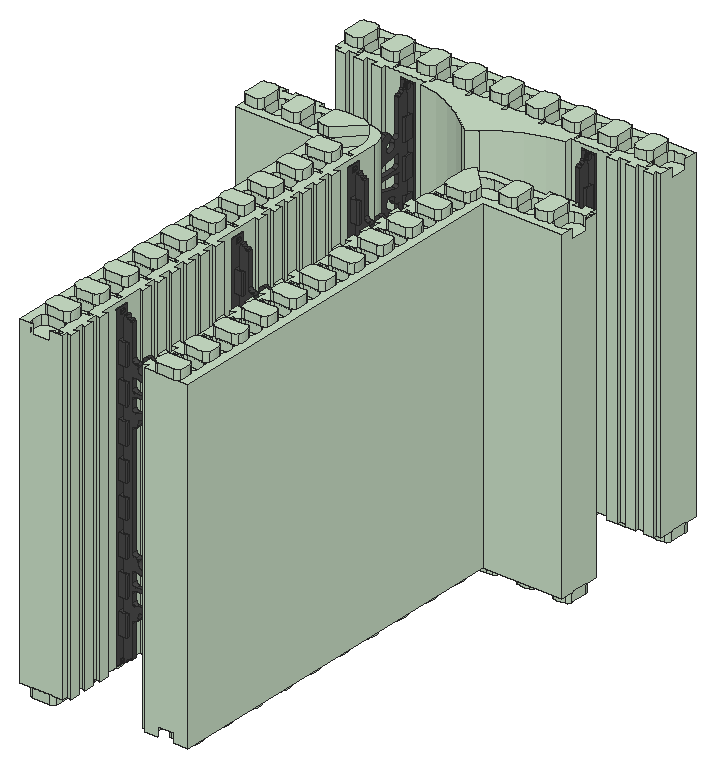
Revit family "ICF- NUDURA 4-inch- Long T Form Unit- Imperial", category Generic Models, Revit 2011 (continued)
Forms (in)
  Extrusion 47, void
    sketch origin (-1, 20, 0) x (-1, 0, 0) y (0, -1, 0)
      loop
        arc (-3.70172, 25.67321) -> (-3.68771, 25.72383) -> (-3.64005, 25.7459) r 0.0625
        line (-3.64005, 25.7459) -> (-3.41845, 25.7459) -> (-3.41845, 25.91673) -> (-3.76455, 25.91673)
        arc (-3.76455, 25.91673) -> (-3.78736, 25.92104) -> (-3.80702, 25.93338) r 0.0625
        arc (-3.80702, 25.93338) -> (-3.88568, 25.98274) -> (-3.97692, 25.99998) r 0.25
        line (-3.97692, 25.99998) -> (-4.89808, 25.99998)
        arc (-4.89808, 25.99998) -> (-5.04517, 25.95213) -> (-5.13595, 25.8269) r 0.25
        arc (-5.13595, 25.8269) -> (-5.1875, 25.49998) -> (-5.13595, 25.17306) r 1.0625
    from 0 to 0.5
  Extrusion 48, void
    sketch origin (-0.99998, 2.00002, 0) x (0, -1, 0) y (1, 0, 0)
      loop
        arc (5.67323, 3.7017) -> (5.72385, 3.68769) -> (5.74592, 3.64003) r 0.0625
        line (5.74592, 3.64003) -> (5.74592, 3.41844) -> (5.91675, 3.41844) -> (5.91675, 3.76453)
        arc (5.91675, 3.76453) -> (5.92106, 3.78734) -> (5.9334, 3.807) r 0.0625
        arc (5.9334, 3.807) -> (5.98276, 3.88566) -> (6, 3.9769) r 0.25
        line (6, 3.9769) -> (6, 4.89806)
        arc (6, 4.89806) -> (5.95215, 5.04515) -> (5.82692, 5.13593) r 0.25
        arc (5.82692, 5.13593) -> (5.66548, 5.17452) -> (5.5, 5.18748) r 1.0625
        line (5.5, 5.18748) -> (5.1875, 5.18748) -> (3.98039, 3.98037)
        arc (3.98039, 3.98037) -> (4.30482, 3.7636) -> (4.6875, 3.68748) r 1
        line (4.6875, 3.68748) -> (5.5, 3.68748)
        arc (5.5, 3.68748) -> (5.58691, 3.69104) -> (5.67323, 3.7017) r 1.0625
    from 0 to 0.5
  Extrusion 49, void
    sketch origin (30.99998, 2.00002, 0) x (0, 1, 0) y (-1, 0, 0)
      loop
        arc (-5.13595, 25.17306) -> (-5.04517, 25.04783) -> (-4.89808, 24.99998) r 0.25
        line (-4.89808, 24.99998) -> (-3.97692, 24.99998)
        arc (-3.97692, 24.99998) -> (-3.82983, 25.04783) -> (-3.73905, 25.17306) r 0.25
        arc (-3.73905, 25.17306) -> (-3.69045, 25.4209) -> (-3.70172, 25.67321) r 1.0625
        arc (-3.70172, 25.67321) -> (-3.68771, 25.72383) -> (-3.64005, 25.7459) r 0.0625
        line (-3.64005, 25.7459) -> (-3.41845, 25.7459) -> (-3.41845, 25.91673) -> (-3.76455, 25.91673)
        arc (-3.76455, 25.91673) -> (-3.78736, 25.92104) -> (-3.80702, 25.93338) r 0.0625
        arc (-3.80702, 25.93338) -> (-3.88568, 25.98274) -> (-3.97692, 25.99998) r 0.25
        line (-3.97692, 25.99998) -> (-4.89808, 25.99998)
        arc (-4.89808, 25.99998) -> (-5.04517, 25.95213) -> (-5.13595, 25.8269) r 0.25
        arc (-5.13595, 25.8269) -> (-5.1875, 25.49998) -> (-5.13595, 25.17306) r 1.0625
    from 0 to 0.5
  Extrusion 50, void
    sketch origin (32.99998, 2.00002, 0) x (0, 1, 0) y (-1, 0, 0)
      loop
        arc (-5.13595, 25.17306) -> (-5.04517, 25.04783) -> (-4.89808, 24.99998) r 0.25
        line (-4.89808, 24.99998) -> (-3.97692, 24.99998)
        arc (-3.97692, 24.99998) -> (-3.82983, 25.04783) -> (-3.73905, 25.17306) r 0.25
        arc (-3.73905, 25.17306) -> (-3.69045, 25.4209) -> (-3.70172, 25.67321) r 1.0625
        arc (-3.70172, 25.67321) -> (-3.68771, 25.72383) -> (-3.64005, 25.7459) r 0.0625
        line (-3.64005, 25.7459) -> (-3.41845, 25.7459) -> (-3.41845, 25.91673) -> (-3.76455, 25.91673)
        arc (-3.76455, 25.91673) -> (-3.78736, 25.92104) -> (-3.80702, 25.93338) r 0.0625
        arc (-3.80702, 25.93338) -> (-3.88568, 25.98274) -> (-3.97692, 25.99998) r 0.25
        line (-3.97692, 25.99998) -> (-4.89808, 25.99998)
        arc (-4.89808, 25.99998) -> (-5.04517, 25.95213) -> (-5.13595, 25.8269) r 0.25
        arc (-5.13595, 25.8269) -> (-5.1875, 25.49998) -> (-5.13595, 25.17306) r 1.0625
    from 0 to 0.5
  Extrusion 51, void
    sketch origin (17.99998, -0.00002, 0) x (0, -1, 0) y (1, 0, 0)
      loop
        arc (-5.13595, -25.17306) -> (-5.1875, -25.49998) -> (-5.13595, -25.8269) r 1.0625
        arc (-5.13595, -25.8269) -> (-5.04517, -25.95213) -> (-4.89808, -25.99998) r 0.25
        line (-4.89808, -25.99998) -> (-3.97692, -25.99998)
        arc (-3.97692, -25.99998) -> (-3.88568, -25.98274) -> (-3.80702, -25.93338) r 0.25
        arc (-3.80702, -25.93338) -> (-3.78736, -25.92104) -> (-3.76455, -25.91673) r 0.0625
        line (-3.76455, -25.91673) -> (-3.41845, -25.91673) -> (-3.41845, -25.7459) -> (-3.64005, -25.7459)
        arc (-3.64005, -25.7459) -> (-3.68771, -25.72383) -> (-3.70172, -25.67321) r 0.0625
        arc (-3.70172, -25.67321) -> (-3.69045, -25.4209) -> (-3.73905, -25.17306) r 1.0625
        arc (-3.73905, -25.17306) -> (-3.82983, -25.04783) -> (-3.97692, -24.99998) r 0.25
        line (-3.97692, -24.99998) -> (-4.89808, -24.99998)
        arc (-4.89808, -24.99998) -> (-5.04517, -25.04783) -> (-5.13595, -25.17306) r 0.25
    from 18 to 17.5
  Extrusion 52, void
    sketch origin (19.99998, -0.00002, 0) x (0, -1, 0) y (1, 0, 0)
      loop
        arc (-5.13595, -25.17306) -> (-5.1875, -25.49998) -> (-5.13595, -25.8269) r 1.0625
        arc (-5.13595, -25.8269) -> (-5.04517, -25.95213) -> (-4.89808, -25.99998) r 0.25
        line (-4.89808, -25.99998) -> (-3.97692, -25.99998)
        arc (-3.97692, -25.99998) -> (-3.88568, -25.98274) -> (-3.80702, -25.93338) r 0.25
        arc (-3.80702, -25.93338) -> (-3.78736, -25.92104) -> (-3.76455, -25.91673) r 0.0625
        line (-3.76455, -25.91673) -> (-3.41845, -25.91673) -> (-3.41845, -25.7459) -> (-3.64005, -25.7459)
        arc (-3.64005, -25.7459) -> (-3.68771, -25.72383) -> (-3.70172, -25.67321) r 0.0625
        arc (-3.70172, -25.67321) -> (-3.69045, -25.4209) -> (-3.73905, -25.17306) r 1.0625
        arc (-3.73905, -25.17306) -> (-3.82983, -25.04783) -> (-3.97692, -24.99998) r 0.25
        line (-3.97692, -24.99998) -> (-4.89808, -24.99998)
        arc (-4.89808, -24.99998) -> (-5.04517, -25.04783) -> (-5.13595, -25.17306) r 0.25
    from 18 to 17.5
  Extrusion 53, void
    sketch origin (21.99998, -0.00002, 0) x (0, -1, 0) y (1, 0, 0)
      loop
        arc (-5.13595, -25.17306) -> (-5.1875, -25.49998) -> (-5.13595, -25.8269) r 1.0625
        arc (-5.13595, -25.8269) -> (-5.04517, -25.95213) -> (-4.89808, -25.99998) r 0.25
        line (-4.89808, -25.99998) -> (-3.97692, -25.99998)
        arc (-3.97692, -25.99998) -> (-3.88568, -25.98274) -> (-3.80702, -25.93338) r 0.25
        arc (-3.80702, -25.93338) -> (-3.78736, -25.92104) -> (-3.76455, -25.91673) r 0.0625
        line (-3.76455, -25.91673) -> (-3.41845, -25.91673) -> (-3.41845, -25.7459) -> (-3.64005, -25.7459)
        arc (-3.64005, -25.7459) -> (-3.68771, -25.72383) -> (-3.70172, -25.67321) r 0.0625
        arc (-3.70172, -25.67321) -> (-3.69045, -25.4209) -> (-3.73905, -25.17306) r 1.0625
        arc (-3.73905, -25.17306) -> (-3.82983, -25.04783) -> (-3.97692, -24.99998) r 0.25
        line (-3.97692, -24.99998) -> (-4.89808, -24.99998)
        arc (-4.89808, -24.99998) -> (-5.04517, -25.04783) -> (-5.13595, -25.17306) r 0.25
    from 18 to 17.5
  Extrusion 54, void
    sketch origin (23.99998, -0.00002, 0) x (0, -1, 0) y (1, 0, 0)
      loop
        arc (-5.13595, -25.17306) -> (-5.1875, -25.49998) -> (-5.13595, -25.8269) r 1.0625
        arc (-5.13595, -25.8269) -> (-5.04517, -25.95213) -> (-4.89808, -25.99998) r 0.25
        line (-4.89808, -25.99998) -> (-3.97692, -25.99998)
        arc (-3.97692, -25.99998) -> (-3.88568, -25.98274) -> (-3.80702, -25.93338) r 0.25
        arc (-3.80702, -25.93338) -> (-3.78736, -25.92104) -> (-3.76455, -25.91673) r 0.0625
        line (-3.76455, -25.91673) -> (-3.41845, -25.91673) -> (-3.41845, -25.7459) -> (-3.64005, -25.7459)
        arc (-3.64005, -25.7459) -> (-3.68771, -25.72383) -> (-3.70172, -25.67321) r 0.0625
        arc (-3.70172, -25.67321) -> (-3.69045, -25.4209) -> (-3.73905, -25.17306) r 1.0625
        arc (-3.73905, -25.17306) -> (-3.82983, -25.04783) -> (-3.97692, -24.99998) r 0.25
        line (-3.97692, -24.99998) -> (-4.89808, -24.99998)
        arc (-4.89808, -24.99998) -> (-5.04517, -25.04783) -> (-5.13595, -25.17306) r 0.25
    from 18 to 17.5
  Extrusion 55, void
    sketch origin (25.99998, -0.00002, 0) x (0, -1, 0) y (1, 0, 0)
      loop
        arc (-5.13595, -25.17306) -> (-5.1875, -25.49998) -> (-5.13595, -25.8269) r 1.0625
        arc (-5.13595, -25.8269) -> (-5.04517, -25.95213) -> (-4.89808, -25.99998) r 0.25
        line (-4.89808, -25.99998) -> (-3.97692, -25.99998)
        arc (-3.97692, -25.99998) -> (-3.88568, -25.98274) -> (-3.80702, -25.93338) r 0.25
        arc (-3.80702, -25.93338) -> (-3.78736, -25.92104) -> (-3.76455, -25.91673) r 0.0625
        line (-3.76455, -25.91673) -> (-3.41845, -25.91673) -> (-3.41845, -25.7459) -> (-3.64005, -25.7459)
        arc (-3.64005, -25.7459) -> (-3.68771, -25.72383) -> (-3.70172, -25.67321) r 0.0625
        arc (-3.70172, -25.67321) -> (-3.69045, -25.4209) -> (-3.73905, -25.17306) r 1.0625
        arc (-3.73905, -25.17306) -> (-3.82983, -25.04783) -> (-3.97692, -24.99998) r 0.25
        line (-3.97692, -24.99998) -> (-4.89808, -24.99998)
        arc (-4.89808, -24.99998) -> (-5.04517, -25.04783) -> (-5.13595, -25.17306) r 0.25
    from 18 to 17.5
  Extrusion 56, void
    sketch origin (27.99998, -0.00002, 0) x (0, -1, 0) y (1, 0, 0)
      loop
        arc (-5.13595, -25.17306) -> (-5.1875, -25.49998) -> (-5.13595, -25.8269) r 1.0625
        arc (-5.13595, -25.8269) -> (-5.04517, -25.95213) -> (-4.89808, -25.99998) r 0.25
        line (-4.89808, -25.99998) -> (-3.97692, -25.99998)
        arc (-3.97692, -25.99998) -> (-3.88568, -25.98274) -> (-3.80702, -25.93338) r 0.25
        arc (-3.80702, -25.93338) -> (-3.78736, -25.92104) -> (-3.76455, -25.91673) r 0.0625
        line (-3.76455, -25.91673) -> (-3.41845, -25.91673) -> (-3.41845, -25.7459) -> (-3.64005, -25.7459)
        arc (-3.64005, -25.7459) -> (-3.68771, -25.72383) -> (-3.70172, -25.67321) r 0.0625
        arc (-3.70172, -25.67321) -> (-3.69045, -25.4209) -> (-3.73905, -25.17306) r 1.0625
        arc (-3.73905, -25.17306) -> (-3.82983, -25.04783) -> (-3.97692, -24.99998) r 0.25
        line (-3.97692, -24.99998) -> (-4.89808, -24.99998)
        arc (-4.89808, -24.99998) -> (-5.04517, -25.04783) -> (-5.13595, -25.17306) r 0.25
    from 18 to 17.5
  Extrusion 57, void
    sketch origin (29.99998, -0.00002, 0) x (0, -1, 0) y (1, 0, 0)
      loop
        arc (-5.13595, -25.17306) -> (-5.1875, -25.49998) -> (-5.13595, -25.8269) r 1.0625
        arc (-5.13595, -25.8269) -> (-5.04517, -25.95213) -> (-4.89808, -25.99998) r 0.25
        line (-4.89808, -25.99998) -> (-3.97692, -25.99998)
        arc (-3.97692, -25.99998) -> (-3.88568, -25.98274) -> (-3.80702, -25.93338) r 0.25
        arc (-3.80702, -25.93338) -> (-3.78736, -25.92104) -> (-3.76455, -25.91673) r 0.0625
        line (-3.76455, -25.91673) -> (-3.41845, -25.91673) -> (-3.41845, -25.7459) -> (-3.64005, -25.7459)
        arc (-3.64005, -25.7459) -> (-3.68771, -25.72383) -> (-3.70172, -25.67321) r 0.0625
        arc (-3.70172, -25.67321) -> (-3.69045, -25.4209) -> (-3.73905, -25.17306) r 1.0625
        arc (-3.73905, -25.17306) -> (-3.82983, -25.04783) -> (-3.97692, -24.99998) r 0.25
        line (-3.97692, -24.99998) -> (-4.89808, -24.99998)
        arc (-4.89808, -24.99998) -> (-5.04517, -25.04783) -> (-5.13595, -25.17306) r 0.25
    from 18 to 17.5
  Extrusion 58, void
    sketch origin (31.99998, -0.00002, 0) x (0, -1, 0) y (1, 0, 0)
      loop
        arc (-5.13595, -25.17306) -> (-5.1875, -25.49998) -> (-5.13595, -25.8269) r 1.0625
        arc (-5.13595, -25.8269) -> (-5.04517, -25.95213) -> (-4.89808, -25.99998) r 0.25
        line (-4.89808, -25.99998) -> (-3.97692, -25.99998)
        arc (-3.97692, -25.99998) -> (-3.88568, -25.98274) -> (-3.80702, -25.93338) r 0.25
        arc (-3.80702, -25.93338) -> (-3.78736, -25.92104) -> (-3.76455, -25.91673) r 0.0625
        line (-3.76455, -25.91673) -> (-3.41845, -25.91673) -> (-3.41845, -25.7459) -> (-3.64005, -25.7459)
        arc (-3.64005, -25.7459) -> (-3.68771, -25.72383) -> (-3.70172, -25.67321) r 0.0625
        arc (-3.70172, -25.67321) -> (-3.69045, -25.4209) -> (-3.73905, -25.17306) r 1.0625
        arc (-3.73905, -25.17306) -> (-3.82983, -25.04783) -> (-3.97692, -24.99998) r 0.25
        line (-3.97692, -24.99998) -> (-4.89808, -24.99998)
        arc (-4.89808, -24.99998) -> (-5.04517, -25.04783) -> (-5.13595, -25.17306) r 0.25
    from 18 to 17.5
  Extrusion 59, void
    sketch origin (33.99998, -0.00002, 0) x (0, -1, 0) y (1, 0, 0)
      loop
        arc (-5.13595, -25.17306) -> (-5.1875, -25.49998) -> (-5.13595, -25.8269) r 1.0625
        arc (-5.13595, -25.8269) -> (-5.04517, -25.95213) -> (-4.89808, -25.99998) r 0.25
        line (-4.89808, -25.99998) -> (-3.97692, -25.99998)
        arc (-3.97692, -25.99998) -> (-3.88568, -25.98274) -> (-3.80702, -25.93338) r 0.25
        arc (-3.80702, -25.93338) -> (-3.78736, -25.92104) -> (-3.76455, -25.91673) r 0.0625
        line (-3.76455, -25.91673) -> (-3.41845, -25.91673) -> (-3.41845, -25.7459) -> (-3.64005, -25.7459)
        arc (-3.64005, -25.7459) -> (-3.68771, -25.72383) -> (-3.70172, -25.67321) r 0.0625
        arc (-3.70172, -25.67321) -> (-3.69045, -25.4209) -> (-3.73905, -25.17306) r 1.0625
        arc (-3.73905, -25.17306) -> (-3.82983, -25.04783) -> (-3.97692, -24.99998) r 0.25
        line (-3.97692, -24.99998) -> (-4.89808, -24.99998)
        arc (-4.89808, -24.99998) -> (-5.04517, -25.04783) -> (-5.13595, -25.17306) r 0.25
    from 18 to 17.5
  Extrusion 60, void
    sketch origin (-33.99998, -0.00002, 0) x (0, -1, 0) y (1, 0, 0)
      loop
        arc (-5.13595, 25.17306) -> (-5.04517, 25.04783) -> (-4.89808, 24.99998) r 0.25
        line (-4.89808, 24.99998) -> (-3.97692, 24.99998)
        arc (-3.97692, 24.99998) -> (-3.82983, 25.04783) -> (-3.73905, 25.17306) r 0.25
        arc (-3.73905, 25.17306) -> (-3.69045, 25.4209) -> (-3.70172, 25.67321) r 1.0625
        arc (-3.70172, 25.67321) -> (-3.68771, 25.72383) -> (-3.64005, 25.7459) r 0.0625
        line (-3.64005, 25.7459) -> (-3.41845, 25.7459) -> (-3.41845, 25.91673) -> (-3.76455, 25.91673)
        arc (-3.76455, 25.91673) -> (-3.78736, 25.92104) -> (-3.80702, 25.93338) r 0.0625
        arc (-3.80702, 25.93338) -> (-3.88568, 25.98274) -> (-3.97692, 25.99998) r 0.25
        line (-3.97692, 25.99998) -> (-4.89808, 25.99998)
        arc (-4.89808, 25.99998) -> (-5.04517, 25.95213) -> (-5.13595, 25.8269) r 0.25
        arc (-5.13595, 25.8269) -> (-5.1875, 25.49998) -> (-5.13595, 25.17306) r 1.0625
    from 0 to 0.5
  Extrusion 61, void
    sketch origin (-31.99998, -0.00002, 0) x (0, -1, 0) y (1, 0, 0)
      loop
        arc (-5.13595, 25.17306) -> (-5.04517, 25.04783) -> (-4.89808, 24.99998) r 0.25
        line (-4.89808, 24.99998) -> (-3.97692, 24.99998)
        arc (-3.97692, 24.99998) -> (-3.82983, 25.04783) -> (-3.73905, 25.17306) r 0.25
        arc (-3.73905, 25.17306) -> (-3.69045, 25.4209) -> (-3.70172, 25.67321) r 1.0625
        arc (-3.70172, 25.67321) -> (-3.68771, 25.72383) -> (-3.64005, 25.7459) r 0.0625
        line (-3.64005, 25.7459) -> (-3.41845, 25.7459) -> (-3.41845, 25.91673) -> (-3.76455, 25.91673)
        arc (-3.76455, 25.91673) -> (-3.78736, 25.92104) -> (-3.80702, 25.93338) r 0.0625
        arc (-3.80702, 25.93338) -> (-3.88568, 25.98274) -> (-3.97692, 25.99998) r 0.25
        line (-3.97692, 25.99998) -> (-4.89808, 25.99998)
        arc (-4.89808, 25.99998) -> (-5.04517, 25.95213) -> (-5.13595, 25.8269) r 0.25
        arc (-5.13595, 25.8269) -> (-5.1875, 25.49998) -> (-5.13595, 25.17306) r 1.0625
    from 0 to 0.5
  Extrusion 62, void
    sketch origin (-29.99998, -0.00002, 0) x (0, -1, 0) y (1, 0, 0)
      loop
        arc (-5.13595, 25.17306) -> (-5.04517, 25.04783) -> (-4.89808, 24.99998) r 0.25
        line (-4.89808, 24.99998) -> (-3.97692, 24.99998)
        arc (-3.97692, 24.99998) -> (-3.82983, 25.04783) -> (-3.73905, 25.17306) r 0.25
        arc (-3.73905, 25.17306) -> (-3.69045, 25.4209) -> (-3.70172, 25.67321) r 1.0625
        arc (-3.70172, 25.67321) -> (-3.68771, 25.72383) -> (-3.64005, 25.7459) r 0.0625
        line (-3.64005, 25.7459) -> (-3.41845, 25.7459) -> (-3.41845, 25.91673) -> (-3.76455, 25.91673)
        arc (-3.76455, 25.91673) -> (-3.78736, 25.92104) -> (-3.80702, 25.93338) r 0.0625
        arc (-3.80702, 25.93338) -> (-3.88568, 25.98274) -> (-3.97692, 25.99998) r 0.25
        line (-3.97692, 25.99998) -> (-4.89808, 25.99998)
        arc (-4.89808, 25.99998) -> (-5.04517, 25.95213) -> (-5.13595, 25.8269) r 0.25
        arc (-5.13595, 25.8269) -> (-5.1875, 25.49998) -> (-5.13595, 25.17306) r 1.0625
    from 0 to 0.5
  Extrusion 63, void
    sketch origin (-27.99998, -0.00002, 0) x (0, -1, 0) y (1, 0, 0)
      loop
        arc (-5.13595, 25.17306) -> (-5.04517, 25.04783) -> (-4.89808, 24.99998) r 0.25
        line (-4.89808, 24.99998) -> (-3.97692, 24.99998)
        arc (-3.97692, 24.99998) -> (-3.82983, 25.04783) -> (-3.73905, 25.17306) r 0.25
        arc (-3.73905, 25.17306) -> (-3.69045, 25.4209) -> (-3.70172, 25.67321) r 1.0625
        arc (-3.70172, 25.67321) -> (-3.68771, 25.72383) -> (-3.64005, 25.7459) r 0.0625
        line (-3.64005, 25.7459) -> (-3.41845, 25.7459) -> (-3.41845, 25.91673) -> (-3.76455, 25.91673)
        arc (-3.76455, 25.91673) -> (-3.78736, 25.92104) -> (-3.80702, 25.93338) r 0.0625
        arc (-3.80702, 25.93338) -> (-3.88568, 25.98274) -> (-3.97692, 25.99998) r 0.25
        line (-3.97692, 25.99998) -> (-4.89808, 25.99998)
        arc (-4.89808, 25.99998) -> (-5.04517, 25.95213) -> (-5.13595, 25.8269) r 0.25
        arc (-5.13595, 25.8269) -> (-5.1875, 25.49998) -> (-5.13595, 25.17306) r 1.0625
    from 0 to 0.5
  Extrusion 64, void
    sketch origin (-25.99998, -0.00002, 0) x (0, -1, 0) y (1, 0, 0)
      loop
        arc (-5.13595, 25.17306) -> (-5.04517, 25.04783) -> (-4.89808, 24.99998) r 0.25
        line (-4.89808, 24.99998) -> (-3.97692, 24.99998)
        arc (-3.97692, 24.99998) -> (-3.82983, 25.04783) -> (-3.73905, 25.17306) r 0.25
        arc (-3.73905, 25.17306) -> (-3.69045, 25.4209) -> (-3.70172, 25.67321) r 1.0625
        arc (-3.70172, 25.67321) -> (-3.68771, 25.72383) -> (-3.64005, 25.7459) r 0.0625
        line (-3.64005, 25.7459) -> (-3.41845, 25.7459) -> (-3.41845, 25.91673) -> (-3.76455, 25.91673)
        arc (-3.76455, 25.91673) -> (-3.78736, 25.92104) -> (-3.80702, 25.93338) r 0.0625
        arc (-3.80702, 25.93338) -> (-3.88568, 25.98274) -> (-3.97692, 25.99998) r 0.25
        line (-3.97692, 25.99998) -> (-4.89808, 25.99998)
        arc (-4.89808, 25.99998) -> (-5.04517, 25.95213) -> (-5.13595, 25.8269) r 0.25
        arc (-5.13595, 25.8269) -> (-5.1875, 25.49998) -> (-5.13595, 25.17306) r 1.0625
    from 0 to 0.5
  Extrusion 65, void
    sketch origin (-23.99998, -0.00002, 0) x (0, -1, 0) y (1, 0, 0)
      loop
        arc (-5.13595, 25.17306) -> (-5.04517, 25.04783) -> (-4.89808, 24.99998) r 0.25
        line (-4.89808, 24.99998) -> (-3.97692, 24.99998)
        arc (-3.97692, 24.99998) -> (-3.82983, 25.04783) -> (-3.73905, 25.17306) r 0.25
        arc (-3.73905, 25.17306) -> (-3.69045, 25.4209) -> (-3.70172, 25.67321) r 1.0625
        arc (-3.70172, 25.67321) -> (-3.68771, 25.72383) -> (-3.64005, 25.7459) r 0.0625
        line (-3.64005, 25.7459) -> (-3.41845, 25.7459) -> (-3.41845, 25.91673) -> (-3.76455, 25.91673)
        arc (-3.76455, 25.91673) -> (-3.78736, 25.92104) -> (-3.80702, 25.93338) r 0.0625
        arc (-3.80702, 25.93338) -> (-3.88568, 25.98274) -> (-3.97692, 25.99998) r 0.25
        line (-3.97692, 25.99998) -> (-4.89808, 25.99998)
        arc (-4.89808, 25.99998) -> (-5.04517, 25.95213) -> (-5.13595, 25.8269) r 0.25
        arc (-5.13595, 25.8269) -> (-5.1875, 25.49998) -> (-5.13595, 25.17306) r 1.0625
    from 0 to 0.5
  Extrusion 66, void
    sketch origin (-21.99998, -0.00002, 0) x (0, -1, 0) y (1, 0, 0)
      loop
        arc (-5.13595, 25.17306) -> (-5.04517, 25.04783) -> (-4.89808, 24.99998) r 0.25
        line (-4.89808, 24.99998) -> (-3.97692, 24.99998)
        arc (-3.97692, 24.99998) -> (-3.82983, 25.04783) -> (-3.73905, 25.17306) r 0.25
        arc (-3.73905, 25.17306) -> (-3.69045, 25.4209) -> (-3.70172, 25.67321) r 1.0625
        arc (-3.70172, 25.67321) -> (-3.68771, 25.72383) -> (-3.64005, 25.7459) r 0.0625
        line (-3.64005, 25.7459) -> (-3.41845, 25.7459) -> (-3.41845, 25.91673) -> (-3.76455, 25.91673)
        arc (-3.76455, 25.91673) -> (-3.78736, 25.92104) -> (-3.80702, 25.93338) r 0.0625
        arc (-3.80702, 25.93338) -> (-3.88568, 25.98274) -> (-3.97692, 25.99998) r 0.25
        line (-3.97692, 25.99998) -> (-4.89808, 25.99998)
        arc (-4.89808, 25.99998) -> (-5.04517, 25.95213) -> (-5.13595, 25.8269) r 0.25
        arc (-5.13595, 25.8269) -> (-5.1875, 25.49998) -> (-5.13595, 25.17306) r 1.0625
    from 0 to 0.5
  Extrusion 67, void
    sketch origin (-19.99998, -0.00002, 0) x (0, -1, 0) y (1, 0, 0)
      loop
        arc (-5.13595, 25.17306) -> (-5.04517, 25.04783) -> (-4.89808, 24.99998) r 0.25
        line (-4.89808, 24.99998) -> (-3.97692, 24.99998)
        arc (-3.97692, 24.99998) -> (-3.82983, 25.04783) -> (-3.73905, 25.17306) r 0.25
        arc (-3.73905, 25.17306) -> (-3.69045, 25.4209) -> (-3.70172, 25.67321) r 1.0625
        arc (-3.70172, 25.67321) -> (-3.68771, 25.72383) -> (-3.64005, 25.7459) r 0.0625
        line (-3.64005, 25.7459) -> (-3.41845, 25.7459) -> (-3.41845, 25.91673) -> (-3.76455, 25.91673)
        arc (-3.76455, 25.91673) -> (-3.78736, 25.92104) -> (-3.80702, 25.93338) r 0.0625
        arc (-3.80702, 25.93338) -> (-3.88568, 25.98274) -> (-3.97692, 25.99998) r 0.25
        line (-3.97692, 25.99998) -> (-4.89808, 25.99998)
        arc (-4.89808, 25.99998) -> (-5.04517, 25.95213) -> (-5.13595, 25.8269) r 0.25
        arc (-5.13595, 25.8269) -> (-5.1875, 25.49998) -> (-5.13595, 25.17306) r 1.0625
    from 0 to 0.5
  Extrusion 68, void
    sketch origin (-17.99998, -0.00002, 0) x (0, -1, 0) y (1, 0, 0)
      loop
        arc (-5.13595, 25.17306) -> (-5.04517, 25.04783) -> (-4.89808, 24.99998) r 0.25
        line (-4.89808, 24.99998) -> (-3.97692, 24.99998)
        arc (-3.97692, 24.99998) -> (-3.82983, 25.04783) -> (-3.73905, 25.17306) r 0.25
        arc (-3.73905, 25.17306) -> (-3.69045, 25.4209) -> (-3.70172, 25.67321) r 1.0625
        arc (-3.70172, 25.67321) -> (-3.68771, 25.72383) -> (-3.64005, 25.7459) r 0.0625
        line (-3.64005, 25.7459) -> (-3.41845, 25.7459) -> (-3.41845, 25.91673) -> (-3.76455, 25.91673)
        arc (-3.76455, 25.91673) -> (-3.78736, 25.92104) -> (-3.80702, 25.93338) r 0.0625
        arc (-3.80702, 25.93338) -> (-3.88568, 25.98274) -> (-3.97692, 25.99998) r 0.25
        line (-3.97692, 25.99998) -> (-4.89808, 25.99998)
        arc (-4.89808, 25.99998) -> (-5.04517, 25.95213) -> (-5.13595, 25.8269) r 0.25
        arc (-5.13595, 25.8269) -> (-5.1875, 25.49998) -> (-5.13595, 25.17306) r 1.0625
    from 0 to 0.5
  Extrusion 69, solid, material "NUDURA Expanded Polystyrene Foam Insulation"
    sketch origin (-1, 2, 0) x (1, 0, 0) y (0, 1, 0)
      loop
        arc (3.98039, -3.98037) -> (3.76362, -4.3048) -> (3.6875, -4.68748) r 1
        line (3.6875, -4.68748) -> (3.6875, -5.49998)
        arc (3.6875, -5.49998) -> (3.70047, -5.66546) -> (3.73905, -5.8269) r 1.0625
        arc (3.73905, -5.8269) -> (3.82983, -5.95213) -> (3.97692, -5.99998) r 0.25
        line (3.97692, -5.99998) -> (4.89808, -5.99998)
        arc (4.89808, -5.99998) -> (5.04517, -5.95213) -> (5.13595, -5.8269) r 0.25
        arc (5.13595, -5.8269) -> (5.17453, -5.66546) -> (5.1875, -5.49998) r 1.0625
        line (5.1875, -5.49998) -> (5.1875, -5.18748) -> (3.98039, -3.98037)
    from 18 to 18.5
  Extrusion 70, solid, material "NUDURA Expanded Polystyrene Foam Insulation"
    sketch origin (1, 2, 0) x (1, 0, 0) y (0, 1, 0)
      loop
        line (-4.6875, -3.68748) -> (-5.5, -3.68748)
        arc (-5.5, -3.68748) -> (-5.66548, -3.70045) -> (-5.82692, -3.73903) r 1.0625
        arc (-5.82692, -3.73903) -> (-5.95215, -3.82981) -> (-6, -3.9769) r 0.25
        line (-6, -3.9769) -> (-6, -4.89806)
        arc (-6, -4.89806) -> (-5.95215, -5.04515) -> (-5.82692, -5.13593) r 0.25
        arc (-5.82692, -5.13593) -> (-5.66548, -5.17452) -> (-5.5, -5.18748) r 1.0625
        line (-5.5, -5.18748) -> (-5.1875, -5.18748) -> (-3.98039, -3.98037)
        arc (-3.98039, -3.98037) -> (-4.30482, -3.7636) -> (-4.6875, -3.68748) r 1
    from 18 to 18.5
  Extrusion 71, solid, material "NUDURA Expanded Polystyrene Foam Insulation"
    sketch origin (1, 2, 0) x (1, 0, 0) y (0, 1, 0)
      loop
        line (-5.1875, -5.18748) -> (-5.1875, -5.49998)
        arc (-5.1875, -5.49998) -> (-5.17453, -5.66546) -> (-5.13595, -5.8269) r 1.0625
        arc (-5.13595, -5.8269) -> (-5.04517, -5.95213) -> (-4.89808, -5.99998) r 0.25
        line (-4.89808, -5.99998) -> (-3.97692, -5.99998)
        arc (-3.97692, -5.99998) -> (-3.82983, -5.95213) -> (-3.73905, -5.8269) r 0.25
        arc (-3.73905, -5.8269) -> (-3.70047, -5.66546) -> (-3.6875, -5.49998) r 1.0625
        line (-3.6875, -5.49998) -> (-3.6875, -4.68748)
        arc (-3.6875, -4.68748) -> (-3.76362, -4.3048) -> (-3.98039, -3.98037) r 1
        line (-3.98039, -3.98037) -> (-5.1875, -5.18748)
    from 0 to -0.5
  Extrusion 72, solid, material "NUDURA Expanded Polystyrene Foam Insulation"
    sketch origin (-1, 2, 0) x (1, 0, 0) y (0, 1, 0)
      loop
        arc (6, -3.9769) -> (5.95215, -3.82981) -> (5.82692, -3.73903) r 0.25
        arc (5.82692, -3.73903) -> (5.66548, -3.70045) -> (5.5, -3.68748) r 1.0625
        line (5.5, -3.68748) -> (4.6875, -3.68748)
        arc (4.6875, -3.68748) -> (4.30482, -3.7636) -> (3.98039, -3.98037) r 1
        line (3.98039, -3.98037) -> (5.1875, -5.18748) -> (5.5, -5.18748)
        arc (5.5, -5.18748) -> (5.66548, -5.17452) -> (5.82692, -5.13593) r 1.0625
        arc (5.82692, -5.13593) -> (5.95215, -5.04515) -> (6, -4.89806) r 0.25
        line (6, -4.89806) -> (6, -3.9769)
    from 0 to -0.5
  Extrusion 73, void
    sketch origin (-16.99998, 2.00002, 0) x (0, 1, 0) y (-1, 0, 0)
      loop
        arc (-5.13595, -25.17306) -> (-5.1875, -25.49998) -> (-5.13595, -25.8269) r 1.0625
        arc (-5.13595, -25.8269) -> (-5.04517, -25.95213) -> (-4.89808, -25.99998) r 0.25
        line (-4.89808, -25.99998) -> (-3.97692, -25.99998)
        arc (-3.97692, -25.99998) -> (-3.88568, -25.98274) -> (-3.80702, -25.93338) r 0.25
        arc (-3.80702, -25.93338) -> (-3.78736, -25.92104) -> (-3.76455, -25.91673) r 0.0625
        line (-3.76455, -25.91673) -> (-3.41845, -25.91673) -> (-3.41845, -25.7459) -> (-3.64005, -25.7459)
        arc (-3.64005, -25.7459) -> (-3.68771, -25.72383) -> (-3.70172, -25.67321) r 0.0625
        arc (-3.70172, -25.67321) -> (-3.69045, -25.4209) -> (-3.73905, -25.17306) r 1.0625
        arc (-3.73905, -25.17306) -> (-3.82983, -25.04783) -> (-3.97692, -24.99998) r 0.25
        line (-3.97692, -24.99998) -> (-4.89808, -24.99998)
        arc (-4.89808, -24.99998) -> (-5.04517, -25.04783) -> (-5.13595, -25.17306) r 0.25
    from 18 to 17.5
  Extrusion 74, void
    sketch origin (1, 2, 0) x (1, 0, 0) y (0, 1, 0)
      loop
        arc (-5.13595, -25.17308) -> (-5.1875, -25.5) -> (-5.13595, -25.82692) r 1.0625
        arc (-5.13595, -25.82692) -> (-5.04517, -25.95215) -> (-4.89808, -26) r 0.25
        line (-4.89808, -26) -> (-3.97692, -26)
        arc (-3.97692, -26) -> (-3.88568, -25.98276) -> (-3.80702, -25.9334) r 0.25
        arc (-3.80702, -25.9334) -> (-3.78736, -25.92106) -> (-3.76455, -25.91675) r 0.0625
        line (-3.76455, -25.91675) -> (-3.41845, -25.91675) -> (-3.41845, -25.74592) -> (-3.64005, -25.74592)
        arc (-3.64005, -25.74592) -> (-3.68771, -25.72385) -> (-3.70172, -25.67323) r 0.0625
        arc (-3.70172, -25.67323) -> (-3.69045, -25.42092) -> (-3.73905, -25.17308) r 1.0625
        arc (-3.73905, -25.17308) -> (-3.82983, -25.04785) -> (-3.97692, -25) r 0.25
        line (-3.97692, -25) -> (-4.89808, -25)
        arc (-4.89808, -25) -> (-5.04517, -25.04785) -> (-5.13595, -25.17308) r 0.25
    from 18 to 17.5
  Extrusion 75, void
    sketch origin (-1, 2, 0) x (-1, 0, 0) y (0, -1, 0)
      loop
        arc (-5.13595, 25.17308) -> (-5.04517, 25.04785) -> (-4.89808, 25) r 0.25
        line (-4.89808, 25) -> (-3.97692, 25)
        arc (-3.97692, 25) -> (-3.82983, 25.04785) -> (-3.73905, 25.17308) r 0.25
        arc (-3.73905, 25.17308) -> (-3.69045, 25.42092) -> (-3.70172, 25.67323) r 1.0625
        arc (-3.70172, 25.67323) -> (-3.68771, 25.72385) -> (-3.64005, 25.74592) r 0.0625
        line (-3.64005, 25.74592) -> (-3.41845, 25.74592) -> (-3.41845, 25.91675) -> (-3.76455, 25.91675)
        arc (-3.76455, 25.91675) -> (-3.78736, 25.92106) -> (-3.80702, 25.9334) r 0.0625
        arc (-3.80702, 25.9334) -> (-3.88568, 25.98276) -> (-3.97692, 26) r 0.25
        line (-3.97692, 26) -> (-4.89808, 26)
        arc (-4.89808, 26) -> (-5.04517, 25.95215) -> (-5.13595, 25.82692) r 0.25
        arc (-5.13595, 25.82692) -> (-5.1875, 25.5) -> (-5.13595, 25.17308) r 1.0625
    from 0 to 0.5
Cuts and joins
  Extrusion 2, Extrusion 3, Extrusion 4, Extrusion 5, Extrusion 6, Extrusion 7, Extrusion 8, Extrusion 9, Extrusion 10, Extrusion 11, Extrusion 12, Extrusion 13, Extrusion 14, Extrusion 15, Extrusion 16, Extrusion 17, Extrusion 18, Extrusion 19, Extrusion 20, Extrusion 21, Extrusion 22, Extrusion 23, Extrusion 24, Extrusion 25, Extrusion 26, Extrusion 27, Extrusion 28, Extrusion 29, Extrusion 30, Extrusion 31, Extrusion 32, Extrusion 33, Extrusion 34, Extrusion 35, Extrusion 36, Extrusion 37, Extrusion 38, Extrusion 39, Extrusion 40, Extrusion 41, Extrusion 42, Extrusion 43, Extrusion 44, Extrusion 45, Extrusion 46, Extrusion 47, Extrusion 48, Extrusion 49, Extrusion 50, Extrusion 51, Extrusion 52, Extrusion 53, Extrusion 54, Extrusion 55, Extrusion 56, Extrusion 57, Extrusion 58, Extrusion 59, Extrusion 60, Extrusion 61, Extrusion 62, Extrusion 63, Extrusion 64, Extrusion 65, Extrusion 66, Extrusion 67, Extrusion 68, Extrusion 73, Extrusion 74, Extrusion 75 cuts Extrusion 1
Lines and regions (in)
  model lines
    curve 1: line (-1, 5.62502, 18) -> (-1, 5.62502, 0)
    curve 2: line (-4.625, -15.99998, 0) -> (-4.625, -15.99998, 18)
Dimensions and locks (in)
  locked: plane 8 to level at 18  (x2)
  plane 5 to plane 4 = 0' - 4"
  plane 7 to plane 6 = 0' - 4"
  aligned and locked: plane 8 to Extrusion 1
  aligned and locked: Extrusion 1 to level
  aligned and locked: Extrusion 1 to plane 8
  aligned and locked: plane 2 to level
  aligned: cut or joined group 1 (Extrusion 1, Extrusion 2, Extrusion 3, Extrusion 4, Extrusion 5, Extrusion 6, Extrusion 7, Extrusion 8, Extrusion 9, Extrusion 10, Extrusion 11, Extrusion 12, Extrusion 13, Extrusion 14, Extrusion 15, Extrusion 16, Extrusion 17, Extrusion 18, Extrusion 19, Extrusion 20, Extrusion 21, Extrusion 22, Extrusion 23, Extrusion 24, Extrusion 25, Extrusion 26, Extrusion 27, Extrusion 28, Extrusion 29, Extrusion 30, Extrusion 31, Extrusion 32, Extrusion 33, Extrusion 34, Extrusion 35, Extrusion 36, Extrusion 37, Extrusion 38, Extrusion 39, Extrusion 40, Extrusion 41, Extrusion 42, Extrusion 43, Extrusion 44, Extrusion 45, Extrusion 46, Extrusion 47, Extrusion 48, Extrusion 49, Extrusion 50, Extrusion 51, Extrusion 52, Extrusion 53, Extrusion 54, Extrusion 55, Extrusion 56, Extrusion 57, Extrusion 58, Extrusion 59, Extrusion 60, Extrusion 61, Extrusion 62, Extrusion 63, Extrusion 64, Extrusion 65, Extrusion 66, Extrusion 67, Extrusion 68, Extrusion 73, Extrusion 74, Extrusion 75) to nested 70
  aligned: nested 69 to cut or joined group 1  (x2)
  aligned: cut or joined group 1 to nested 67
  aligned: cut or joined group 1 to nested 71
  aligned: nested 73 to cut or joined group 1
  aligned: cut or joined group 1 to nested 74
  aligned: nested 75 to cut or joined group 1
  aligned: cut or joined group 1 to nested 76
  aligned and locked: nested 70 to nested 67
  aligned and locked: nested 71 to nested 70
  aligned and locked: nested 79 to cut or joined group 1
  aligned and locked: nested 77 to cut or joined group 1
  aligned and locked: cut or joined group 1 to nested 78
Nested families (in)
  nested 1: "Interlock Tooth" at (-1, -23.99998, 0) x (0, 1, 0) z (0, 0, 1), type "Interlock Tooth"
  nested 2: "Interlock Tooth" at (-1, -21.99998, 0) x (0, 1, 0) z (0, 0, 1), type "Interlock Tooth"
  nested 3: "Interlock Tooth" at (-1, -19.99998, 0) x (0, 1, 0) z (0, 0, 1), type "Interlock Tooth"
  nested 4: "Interlock Tooth" at (-1, -17.99998, 0) x (0, 1, 0) z (0, 0, 1), type "Interlock Tooth"
  nested 5: "Interlock Tooth" at (-1, -15.99998, 0) x (0, 1, 0) z (0, 0, 1), type "Interlock Tooth"
  nested 6: "Interlock Tooth" at (-1, -13.99998, 0) x (0, 1, 0) z (0, 0, 1), type "Interlock Tooth"
  nested 7: "Interlock Tooth" at (-1, -11.99998, 0) x (0, 1, 0) z (0, 0, 1), type "Interlock Tooth"
  nested 8: "Interlock Tooth" at (-1, -9.99998, 0) x (0, 1, 0) z (0, 0, 1), type "Interlock Tooth"
  nested 9: "Interlock Tooth" at (-1, -7.99998, 0) x (0, 1, 0) z (0, 0, 1), type "Interlock Tooth"
  nested 10: "Interlock Tooth" at (-1, -5.99998, 0) x (0, 1, 0) z (0, 0, 1), type "Interlock Tooth"
  nested 11: "Interlock Tooth" at (1, -22.99998, 0) x (0, 1, 0) z (0, 0, 1), type "Interlock Tooth"
  nested 12: "Interlock Tooth" at (1, -20.99998, 0) x (0, 1, 0) z (0, 0, 1), type "Interlock Tooth"
  nested 13: "Interlock Tooth" at (1, -18.99998, 0) x (0, 1, 0) z (0, 0, 1), type "Interlock Tooth"
  nested 14: "Interlock Tooth" at (1, -16.99998, 0) x (0, 1, 0) z (0, 0, 1), type "Interlock Tooth"
  nested 15: "Interlock Tooth" at (1, -14.99998, 0) x (0, 1, 0) z (0, 0, 1), type "Interlock Tooth"
  nested 16: "Interlock Tooth" at (1, -12.99998, 0) x (0, 1, 0) z (0, 0, 1), type "Interlock Tooth"
  nested 17: "Interlock Tooth" at (1, -10.99998, 0) x (0, 1, 0) z (0, 0, 1), type "Interlock Tooth"
  nested 18: "Interlock Tooth" at (1, -8.99998, 0) x (0, 1, 0) z (0, 0, 1), type "Interlock Tooth"
  nested 19: "Interlock Tooth" at (1, -6.99998, 0) x (0, 1, 0) z (0, 0, 1), type "Interlock Tooth"
  nested 20: "Interlock Tooth" at (1, -4.99998, 0) x (0, 1, 0) z (0, 0, 1), type "Interlock Tooth"
  nested 21: "Interlock Tooth" at (-9, 2.00002, 0), type "Interlock Tooth"
  nested 22: "Interlock Tooth" at (-7, 2.00002, 0), type "Interlock Tooth"
  nested 23: "Interlock Tooth" at (5, 2.00002, 0), type "Interlock Tooth"
  nested 24: "Interlock Tooth" at (7, 2.00002, 0), type "Interlock Tooth"
  nested 25: "Interlock Tooth" at (-8, 2.00002, -18.5), type "Interlock Tooth"
  nested 26: "Interlock Tooth" at (-6, 2.00002, -18.5), type "Interlock Tooth"
  nested 27: "Interlock Tooth" at (8, 2.00002, -18.5), type "Interlock Tooth"
  nested 28: "Interlock Tooth" at (6, 2.00002, -18.5), type "Interlock Tooth"
  nested 29: "Interlock Tooth" at (1, -22.99998, -18.5) x (0, -1, 0) z (0, 0, 1), type "Interlock Tooth"
  nested 30: "Interlock Tooth" at (1, -20.99998, -18.5) x (0, -1, 0) z (0, 0, 1), type "Interlock Tooth"
  nested 31: "Interlock Tooth" at (1, -18.99998, -18.5) x (0, -1, 0) z (0, 0, 1), type "Interlock Tooth"
  nested 32: "Interlock Tooth" at (1, -16.99998, -18.5) x (0, -1, 0) z (0, 0, 1), type "Interlock Tooth"
  nested 33: "Interlock Tooth" at (1, -14.99998, -18.5) x (0, -1, 0) z (0, 0, 1), type "Interlock Tooth"
  nested 34: "Interlock Tooth" at (1, -12.99998, -18.5) x (0, -1, 0) z (0, 0, 1), type "Interlock Tooth"
  nested 35: "Interlock Tooth" at (1, -10.99998, -18.5) x (0, -1, 0) z (0, 0, 1), type "Interlock Tooth"
  nested 36: "Interlock Tooth" at (1, -8.99998, -18.5) x (0, -1, 0) z (0, 0, 1), type "Interlock Tooth"
  nested 37: "Interlock Tooth" at (1, -6.99998, -18.5) x (0, -1, 0) z (0, 0, 1), type "Interlock Tooth"
  nested 38: "Interlock Tooth" at (1, -4.99998, -18.5) x (0, -1, 0) z (0, 0, 1), type "Interlock Tooth"
  nested 39: "Interlock Tooth" at (-1, -22.99998, -18.5) x (0, 1, 0) z (0, 0, 1), type "Interlock Tooth"
  nested 40: "Interlock Tooth" at (-1, -20.99998, -18.5) x (0, 1, 0) z (0, 0, 1), type "Interlock Tooth"
  nested 41: "Interlock Tooth" at (-1, -18.99998, -18.5) x (0, 1, 0) z (0, 0, 1), type "Interlock Tooth"
  nested 42: "Interlock Tooth" at (-1, -16.99998, -18.5) x (0, 1, 0) z (0, 0, 1), type "Interlock Tooth"
  nested 43: "Interlock Tooth" at (-1, -14.99998, -18.5) x (0, 1, 0) z (0, 0, 1), type "Interlock Tooth"
  nested 44: "Interlock Tooth" at (-1, -12.99998, -18.5) x (0, 1, 0) z (0, 0, 1), type "Interlock Tooth"
  nested 45: "Interlock Tooth" at (-1, -10.99998, -18.5) x (0, 1, 0) z (0, 0, 1), type "Interlock Tooth"
  nested 46: "Interlock Tooth" at (-1, -8.99998, -18.5) x (0, 1, 0) z (0, 0, 1), type "Interlock Tooth"
  nested 47: "Interlock Tooth" at (-1, -6.99998, -18.5) x (0, 1, 0) z (0, 0, 1), type "Interlock Tooth"
  nested 48: "Interlock Tooth" at (-1, -4.99998, -18.5) x (0, 1, 0) z (0, 0, 1), type "Interlock Tooth"
  nested 49: "Interlock Tooth" at (-8, -0.00002, 0) x (-1, 0, 0) z (0, 0, 1), type "Interlock Tooth"
  nested 50: "Interlock Tooth" at (-6, -0.00002, 0) x (-1, 0, 0) z (0, 0, 1), type "Interlock Tooth"
  nested 51: "Interlock Tooth" at (-7, -0.00002, -18.5) x (-1, 0, 0) z (0, 0, 1), type "Interlock Tooth"
  nested 52: "Interlock Tooth" at (-4, -0.00002, 0) x (-1, 0, 0) z (0, 0, 1), type "Interlock Tooth"
  nested 53: "Interlock Tooth" at (-5, -0.00002, -18.5) x (-1, 0, 0) z (0, 0, 1), type "Interlock Tooth"
  nested 54: "Interlock Tooth" at (-2, -0.00002, 0) x (-1, 0, 0) z (0, 0, 1), type "Interlock Tooth"
  nested 55: "Interlock Tooth" at (-3, -0.00002, -18.5) x (-1, 0, 0) z (0, 0, 1), type "Interlock Tooth"
  nested 56: "Interlock Tooth" at (0, -0.00002, 0) x (-1, 0, 0) z (0, 0, 1), type "Interlock Tooth"
  nested 57: "Interlock Tooth" at (-1, -0.00002, -18.5) x (-1, 0, 0) z (0, 0, 1), type "Interlock Tooth"
  nested 58: "Interlock Tooth" at (2, -0.00002, 0) x (-1, 0, 0) z (0, 0, 1), type "Interlock Tooth"
  nested 59: "Interlock Tooth" at (1, -0.00002, -18.5) x (-1, 0, 0) z (0, 0, 1), type "Interlock Tooth"
  nested 60: "Interlock Tooth" at (4, -0.00002, 0) x (-1, 0, 0) z (0, 0, 1), type "Interlock Tooth"
  nested 61: "Interlock Tooth" at (3, -0.00002, -18.5) x (-1, 0, 0) z (0, 0, 1), type "Interlock Tooth"
  nested 62: "Interlock Tooth" at (6, -0.00002, 0) x (-1, 0, 0) z (0, 0, 1), type "Interlock Tooth"
  nested 63: "Interlock Tooth" at (5, -0.00002, -18.5) x (-1, 0, 0) z (0, 0, 1), type "Interlock Tooth"
  nested 64: "Interlock Tooth" at (8, -0.00002, 0) x (-1, 0, 0) z (0, 0, 1), type "Interlock Tooth"
  nested 65: "Interlock Tooth" at (7, -0.00002, -18.5) x (-1, 0, 0) z (0, 0, 1), type "Interlock Tooth"
  nested 66: "Interlock Tooth" at (9, -0.00002, -18.5) x (-1, 0, 0) z (0, 0, 1), type "Interlock Tooth"
  nested 67: "NUDURA Diamond Pattern" at (-10.25, -15.99998, 0) x (0, 1, 0) z (0, 0, 1), type "NUDURA Diamond Pattern"
  nested 68: "NUDURA Diamond Pattern" at (10.25, -15.99998, 0) x (0, 1, 0) z (0, 0, 1), type "NUDURA Diamond Pattern"
  nested 69: "NUDURA Logo Diamond" at (4.625, -31.99742, 0) x (0, 1, 0) z (0, 0, 1), type "NUDURA Logo Diamond"
  nested 70: "NUDURA Logo Diamond" at (-4.625, -8.00254, 0) x (0, -1, 0) z (0, 0, 1), type "NUDURA Logo Diamond"
  nested 71: "NUDURA Diamond Pattern Missing Two Lines" at (-10.25, -7.99998, 0) x (0, 1, 0) z (0, 0, 1), type "NUDURA Diamond Pattern minus Two lines"
  nested 72: "NUDURA Diamond Pattern Missing Two Lines" at (-9, 2, 0), type "NUDURA Diamond Pattern minus Two lines"
  nested 73: "NUDURA Diamond Pattern Missing Two Lines" at (-1, -7.99998, 0) x (0, 1, 0) z (0, 0, 1), type "NUDURA Diamond Pattern minus Two lines"
  nested 74: "NUDURA Diamond Pattern Missing Two Lines" at (9, -9.24998, 0) x (-1, 0, 0) z (0, 0, 1), type "NUDURA Diamond Pattern minus Two lines"
  nested 75: "NUDURA Logo Diamond" at (16.99744, 5.625, 0) x (-1, 0, 0) z (0, 0, 1), type "NUDURA Logo Diamond"
  nested 76: "NUDURA Logo Diamond" at (6.99744, 5.625, 0) x (-1, 0, 0) z (0, 0, 1), type "NUDURA Logo Diamond"
  nested 77: "4-inch Insert Web" at (-5, 1, 0), type "4-inch Insert Web"
  nested 78: "4-inch Insert Web" at (5, 1, 0), type "4-inch Insert Web"
  nested 79: "4-inch Insert Web" at (0, -19.99998, 0) x (0, 1, 0) z (0, 0, 1), type "4-inch Insert Web"
  nested 80: "4-inch Insert Web" at (0, -11.99998, 0) x (0, 1, 0) z (0, 0, 1), type "4-inch Insert Web"
  nested 81: "4-inch Insert Web" at (0, -3.99998, 0) x (0, 1, 0) z (0, 0, 1), type "4-inch Insert Web"
Definition of nested family "Interlock Tooth"
  Reference planes (in)
    plane 1 "Center (Front/Back)": y = 0
    plane 2: z = 0
    plane 3 "Center (Left/Right)": x = 0
    plane 4: z = 18
    plane 5: z = 18.5
    plane 6: z = -0.5
  Forms (in)
    Extrusion 1, solid, material "NUDURA Expanded Polystyrene Foam Insulation"
      sketch origin (0, -8.875, 0) x (1, 0, 0) y (0, 1, 0)
        loop
          arc (0, 3.97692) -> (0.04785, 3.82983) -> (0.17308, 3.73905) r 0.25
          arc (0.17308, 3.73905) -> (0.5, 3.6875) -> (0.82692, 3.73905) r 1.0625
          arc (0.82692, 3.73905) -> (0.95215, 3.82983) -> (1, 3.97692) r 0.25
          line (1, 3.97692) -> (1, 4.89808)
          arc (1, 4.89808) -> (0.95215, 5.04517) -> (0.82692, 5.13595) r 0.25
          arc (0.82692, 5.13595) -> (0.5, 5.1875) -> (0.17308, 5.13595) r 1.0625
          arc (0.17308, 5.13595) -> (0.04785, 5.04517) -> (0, 4.89808) r 0.25
          line (0, 4.89808) -> (0, 3.97692)
      from 18 to 18.5
  Dimensions and locks (in)
    locked: plane 4 to level at 18
    locked: plane 4 to plane 5 at 0.5
    locked: plane 6 to level at 0.5
Definition of nested family "4-inch Insert Web"
  Reference planes (in)
    plane 1 "Center (Front/Back)": y = 0
    plane 2: z = 0
    plane 3 "Center (Left/Right)": x = 0
  Forms (in)
    Extrusion 1, solid, material "High Density Polystyrene"
      sketch origin (0, 0, 0) x (0, 1, 0) y (0, 0, 1)
        loop
          line (2.25, 0) -> (2.25, 17.74583)
          arc (2.25, 17.74583) -> (2.22112, 17.72608) -> (2.21, 17.69292) r 0.055
          line (2.21, 17.69292) -> (2.21, 0.05292)
          arc (2.21, 0.05292) -> (2.22112, 0.01975) -> (2.25, 0) r 0.055
        loop
          arc (-2.25, 0) -> (-2.22112, 0.01975) -> (-2.21, 0.05292) r 0.055
          line (-2.21, 0.05292) -> (-2.21, 17.69292)
          arc (-2.21, 17.69292) -> (-2.22112, 17.72608) -> (-2.25, 17.74583) r 0.055
          line (-2.25, 17.74583) -> (-2.25, 0)
      from 0.36328 to -0.36328
    Extrusion 2, solid, material "High Density Polystyrene"
      sketch origin (0, 0, 0) x (0, 1, 0) y (0, 0, 1)
        loop
          arc (2.18889, 17.40785) -> (2.20374, 17.40241) -> (2.21, 17.38789) r 0.02
          line (2.21, 17.38789) -> (2.21, 17.63668)
          arc (2.21, 17.63668) -> (2.20585, 17.62147) -> (2.19457, 17.61045) r 0.03
          line (2.19457, 17.61045) -> (2.12543, 17.57204)
          arc (2.12543, 17.57204) -> (2.11414, 17.56103) -> (2.11, 17.54582) r 0.03
          line (2.11, 17.54582) -> (2.11, 17.42461)
          arc (2.11, 17.42461) -> (2.11625, 17.41008) -> (2.13111, 17.40464) r 0.02
          line (2.13111, 17.40464) -> (2.18889, 17.40785)
        loop
          line (2, 17.20772) -> (1.925, 17.43772)
          arc (1.925, 17.43772) -> (1.875, 17.46772) -> (1.825, 17.43772) r 0.05667
          line (1.825, 17.43772) -> (1.77609, 17.28772) -> (1.64893, 17.28772)
